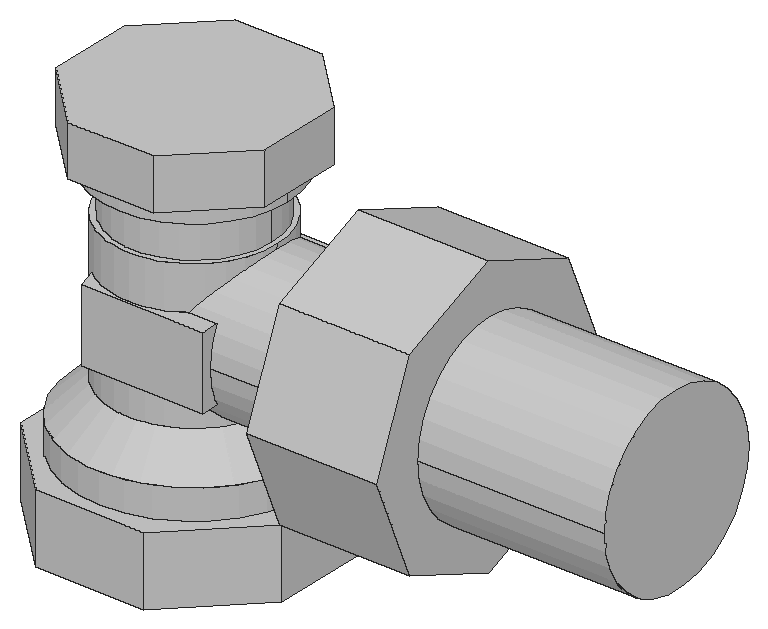
Revit family "PA_Арматура трубопроводов [клапан настроечный угловой , VT.019.N] - VALTEC", category Арматура трубопроводов, Revit 2018
Family settings
  Размер круглого соединителя = Использовать диаметр
  Тип детали = Вставляется
  На основе рабочей плоскости = Нет
  Всегда вертикально = Да
  При загрузке вырезать с полостями = Нет
  Общий = Нет
Parameters (values of type "VT.019.N")
  Таблица 2 = "PA_Арматура трубопроводов [клапан настроечный угловой , VT.019.N] - VALTEC - Таблица 2"  # constant formula
  Таблица 1 = "PA_Арматура трубопроводов [клапан настроечный угловой , VT.019.N] - VALTEC - Таблица 1"  # constant formula
  Изготовитель = "VALTEC"  # constant formula
  d9 [instance] = size_lookup(Таблица 1, "d9", 0 mm, d)  # 19.8 mm
  d8 [instance] = size_lookup(Таблица 1, "d8", 0 mm, d)  # 30.8 mm
  d7 [instance] = size_lookup(Таблица 1, "d7", 0 mm, d)  # 16.8 mm
  d6 [instance] = size_lookup(Таблица 1, "d6", 0 mm, d)  # 23 mm
  d10 [instance] = size_lookup(Таблица 1, "d10", 0 mm, d)  # 18.8 mm
  c [instance] = size_lookup(Таблица 1, "c", 0 mm, d)  # 22 mm
  b6 [instance] = size_lookup(Таблица 1, "b6", 0 mm, d)  # 8.4 mm
  b5 [instance] = size_lookup(Таблица 1, "b5", 0 mm, d)  # 6.4 mm
  b4 [instance] = size_lookup(Таблица 1, "b4", 0 mm, d)  # 13.4 mm
  b3 [instance] = size_lookup(Таблица 1, "b3", 0 mm, d)  # 6.8 mm
  a8 [instance] = size_lookup(Таблица 1, "a8", 0 mm, d)  # 4 mm
  a7 [instance] = size_lookup(Таблица 1, "a7", 0 mm, d)  # 5.6 mm
  a6 [instance] = size_lookup(Таблица 1, "a6", 0 mm, d)  # 2 mm
  a5 [instance] = size_lookup(Таблица 1, "a5", 0 mm, d)  # 4.6 mm
  a4 [instance] = size_lookup(Таблица 1, "a4", 0 mm, d)  # 16.2 mm
  C [instance] = size_lookup(Таблица 1, "C", 0 mm, d)  # 23 mm
  B [instance] = size_lookup(Таблица 1, "B", 0 mm, d)  # 53 mm
  b2 [instance] = size_lookup(Таблица 1, "b2", 0 mm, d)  # 14.3 mm
  d5 [instance] = size_lookup(Таблица 1, "d5", 0 mm, d)  # 20.6 mm
  d4 [instance] = size_lookup(Таблица 1, "d4", 0 mm, d)  # 17 mm
  d3 [instance] = size_lookup(Таблица 1, "d3", 0 mm, d)  # 18.2 mm
  d2 [instance] = size_lookup(Таблица 1, "d2", 0 mm, d)  # 26 mm
  d1 [instance] = size_lookup(Таблица 1, "d1", 0 mm, d)  # 28.8 mm
  d [instance] = 15 mm
  b1 [instance] = size_lookup(Таблица 1, "b1", 0 mm, d)  # 18.1 mm
  a3 [instance] = size_lookup(Таблица 1, "a3", 0 mm, d)  # 3.7 mm
  a2 [instance] = size_lookup(Таблица 1, "a2", 0 mm, d)  # 3.3 mm
  a1 [instance] = size_lookup(Таблица 1, "a1", 0 mm, d)  # 7.6 mm
  URL = "https://valtec.ru/"
  ADSK_Расход жидкости [instance] = 0.0 L/s
  ADSK_Примечание [instance] = ""
  ADSK_Потеря давления жидкости [instance] = 0.0 Pa
  ADSK_Позиция [instance] = ""
  ADSK_Обозначение [instance] = "VT.019.N"  # constant formula
  ADSK_Наименование [instance] = size_lookup(Таблица 1, "", "Данный типоразмер отсутствует", d)  # "Клапан настроечный угловой, 1/2\""
  ADSK_Материал = Сталь, нержавеющая - VALTEC
  ADSK_Масса [instance] = if(d = 15 mm, 0.195, if(d = 20 mm, 0.273, 0))  # 0.195
  ADSK_Марка [instance] = size_lookup(Таблица 2, "", "Данный типоразмер отсутствует", d)  # "VT.019.N.04"
  ADSK_Код изделия [instance] = size_lookup(Таблица 2, "", "Данный типоразмер отсутствует", d)  # "VT.019.N.04"
  ADSK_Завод-изготовитель [instance] = Изготовитель  # "VALTEC"
  ADSK_Единица измерения [instance] = "шт."  # constant formula
  ADSK_URL страницы изделия = "https://valtec.ru/catalog/radiatornaya_armatura/ruchnye_klapany_dlya_radiatorov/klapan_nastroechnyj_uglovoj_vt019n.html"
  ADSK_URL документации изделия = "https://valtec.ru/document/technical/VT.019-020-n-nr-ner-0119.pdf"
  A [instance] = size_lookup(Таблица 1, "A", 0 mm, d)  # 43 mm
Reference planes
  plane 1 "По центру (Вперед/Назад)": y = 0
  plane 2: z = 0
  plane 3 "По центру (Влево/Вправо)": x = 0
  plane 4: z = 21
  plane 5: z = -22
  plane 6: z = -14.4
  plane 7: z = -11.1
  plane 8: z = -7.4
  plane 9: z = 8.8
  plane 10: z = 13.4
  plane 11: z = 15.4
  plane 12: x = 53
  plane 13: x = 39.2
  plane 14: x = 32.4
  plane 15: x = 18.1
  plane 16: z = 4
  plane 17: z = -4
  plane 18: x = 8.4
  plane 19: x = -6.4
  plane 20: y = 9.4
  plane 21: y = -9.4
  plane 22: x = -4.9
Forms (mm)
  Extrusion 1, solid, material "Сталь, нержавеющая - VALTEC" <- "ADSK_Материал", detail levels medium+fine
    sketch origin (0, 0, 0) x (1, 0, 0) y (0, 1, 0)
      loop
        circle (0, 0) r 13
    from -14.4 to -11.1
  Blend 2, solid, material "Сталь, нержавеющая - VALTEC" <- "ADSK_Материал", detail levels medium+fine
    base sketch origin (0, 0, 0) x (1, 0, 0) y (0, 1, 0)
      loop
        circle (0, 0) r 13
    top sketch origin (0, 0, 0) x (1, 0, 0) y (0, 1, 0)
      loop
        circle (0, 0) r 9.1
    from -11.1 to -7.4
  Extrusion 3, solid, material "Сталь, нержавеющая - VALTEC" <- "ADSK_Материал", detail levels medium+fine
    sketch origin (0, 0, 0) x (1, 0, 0) y (0, 1, 0)
      loop
        circle (0, 0) r 9.1
    from -7.4 to 8.8
  Extrusion 4, solid, material "Сталь, нержавеющая - VALTEC" <- "ADSK_Материал", detail levels medium+fine
    sketch origin (0, 0, 0) x (1, 0, 0) y (0, 1, 0)
      loop
        circle (0, 0) r 8.5
    from 8.8 to 13.4
  Extrusion 5, solid, material "Сталь, нержавеющая - VALTEC" <- "ADSK_Материал", detail levels medium+fine
    sketch origin (0, 0, 0) x (1, 0, 0) y (0, 1, 0)
      loop
        circle (0, 0) r 10.3
    from 13.4 to 15.4
  Extrusion 6, solid, material "Сталь, нержавеющая - VALTEC" <- "ADSK_Материал", detail levels medium+fine
    sketch origin (0, 0, 0) x (0, 1, 0) y (0, 0, 1)
      loop
        circle (0, 0) r 8.4
    from 0 to 18.1
  Extrusion 7, solid, material "Сталь, нержавеющая - VALTEC" <- "ADSK_Материал", detail levels medium+fine
    sketch origin (0, 0, 0) x (0, 1, 0) y (0, 0, 1)
      loop
        circle (0, 0) r 9.9
    from 32.4 to 53
  Extrusion 8, solid, material "Сталь, нержавеющая - VALTEC" <- "ADSK_Материал", detail levels medium+fine
    sketch origin (0, 0, 0) x (1, 0, 0) y (0, 1, 0)
      loop
        arc (-4.9, 9.4) -> (-6.4, 0) -> (-4.9, -9.4) r 30.203
        line (-4.9, -9.4) -> (8.4, -9.4) -> (8.4, 9.4) -> (-4.9, 9.4)
    from -4 to 4
Cuts and joins
  joined: Extrusion 1, Blend 2, Extrusion 3, Extrusion 4, Extrusion 5, Extrusion 6, Extrusion 7, Extrusion 8
Lines and regions (mm)
  model lines, detail levels coarse
    curve 1: line (-15, 0, -22) -> (15, 0, -22)
    curve 2: line (22, 0, 15) -> (22, 0, -15)
    curve 3: line (-15, 0, -22) -> (0, 0, 0)
    curve 4: line (0, 0, 0) -> (15, 0, -22)
    curve 5: line (22, 0, -15) -> (0, 0, 0)
    curve 6: line (22, 0, 15) -> (0, 0, 0)
    curve 7: line (22, 0, 0) -> (53, 0, 0)
  symbolic lines, detail levels coarse
    curve 8: line (15, -22, 0) -> (-15, -22, 0)
    curve 9: line (22, 15, 0) -> (22, -15, 0)
    curve 10: line (15, -22, 0) -> (0, 0, 0)
    curve 11: line (0, 0, 0) -> (-15, -22, 0)
    curve 12: line (22, -15, 0) -> (0, 0, 0)
    curve 13: line (0, 0, 0) -> (22, 15, 0)
  reference lines
    curve 14: line (0, 0, -22) -> (0, 0, 0)
    curve 15: line (0, 0, 0) -> (39.2, 0, 0)
Dimensions and locks
  "c": plane 2 to plane 5
  "A": plane 4 to plane 5
  "a1": plane 6 to plane 5
  "a2": plane 7 to plane 6
  "a3": plane 8 to plane 7
  "a4": plane 9 to plane 8
  "a5": plane 10 to plane 9
  "a6": plane 11 to plane 10
  "B": plane 12 to plane 3 "По центру (Влево/Вправо)"
  "b1": plane 15 to plane 3 "По центру (Влево/Вправо)"
  "b2": plane 15 to plane 14
  "b3": plane 14 to plane 13
  "a8": plane 2 to plane 17
  "a8": plane 16 to plane 2
  "b5": plane 3 "По центру (Влево/Вправо)" to plane 19
  "b6": plane 18 to plane 3 "По центру (Влево/Вправо)"
  equal spacing: plane 21, plane 1 "По центру (Вперед/Назад)", plane 20
  "d10": plane 21 to plane 20
  locked: plane 19 to plane 22 at 1.5
  curve 1 to plane 3 "По центру (Влево/Вправо)" to curve 1 = 15 mm locked, 15 mm locked
  curve 2 to level to curve 2 = 15 mm locked, 15 mm locked
  "c": curve 2 to plane 3 "По центру (Влево/Вправо)"
  curve 8 to plane 3 "По центру (Влево/Вправо)" to curve 8 = 15 mm locked, 15 mm locked
  curve 9 to plane 1 "По центру (Вперед/Назад)" to curve 9 = 15 mm locked, 15 mm locked
  "c": plane 3 "По центру (Влево/Вправо)" to curve 9
  "c": plane 1 "По центру (Вперед/Назад)" to curve 8
  "d2": diameter of Extrusion 1 sketch curve
  "d2": diameter of Blend 2 sketch curve
  "d3": diameter of Blend 2 sketch curve
  "d3": diameter of Extrusion 3 sketch curve
  "d4": diameter of Extrusion 4 sketch curve
  "d5": diameter of Extrusion 5 sketch curve
  "d7": diameter of Extrusion 6 sketch curve
  "d9": diameter of Extrusion 7 sketch curve
  aligned and locked: level to plane 2
  aligned and locked: nested 1 to plane 3 "По центру (Влево/Вправо)"
  aligned and locked: plane 1 "По центру (Вперед/Назад)" to nested 1
  aligned and locked: plane 1 "По центру (Вперед/Назад)" to Extrusion 1 sketch curve
  aligned and locked: plane 3 "По центру (Влево/Вправо)" to Extrusion 1 sketch curve
  aligned and locked: plane 1 "По центру (Вперед/Назад)" to Blend 2 sketch curve  (x2)
  aligned and locked: plane 3 "По центру (Влево/Вправо)" to Blend 2 sketch curve  (x2)
  aligned and locked: plane 1 "По центру (Вперед/Назад)" to Extrusion 3 sketch curve
  aligned and locked: plane 3 "По центру (Влево/Вправо)" to Extrusion 3 sketch curve
  aligned and locked: plane 1 "По центру (Вперед/Назад)" to Extrusion 4 sketch curve
  aligned and locked: plane 3 "По центру (Влево/Вправо)" to Extrusion 4 sketch curve
  aligned and locked: plane 5 to nested 1
  aligned and locked: plane 7 to Blend 2
  aligned and locked: Blend 2 to plane 8
  aligned and locked: plane 6 to Extrusion 1
  aligned and locked: Extrusion 1 to plane 7
  aligned and locked: plane 8 to Extrusion 3
  aligned and locked: Extrusion 3 to plane 9
  aligned and locked: plane 9 to Extrusion 4
  aligned and locked: Extrusion 4 to plane 10
  aligned and locked: plane 1 "По центру (Вперед/Назад)" to Extrusion 5 sketch curve
  aligned and locked: plane 3 "По центру (Влево/Вправо)" to Extrusion 5 sketch curve
  aligned and locked: nested 2 to plane 3 "По центру (Влево/Вправо)"
  aligned and locked: plane 1 "По центру (Вперед/Назад)" to nested 2
  aligned and locked: plane 4 to nested 2
  aligned and locked: plane 10 to Extrusion 5
  aligned and locked: Extrusion 5 to plane 11
  aligned and locked: level to Extrusion 6 sketch curve
  aligned and locked: plane 1 "По центру (Вперед/Назад)" to Extrusion 6 sketch curve
  aligned and locked: level to Extrusion 7 sketch curve
  aligned and locked: plane 1 "По центру (Вперед/Назад)" to Extrusion 7 sketch curve
  aligned and locked: Extrusion 6 to plane 3 "По центру (Влево/Вправо)"
  aligned and locked: Extrusion 6 to plane 15
  aligned and locked: plane 14 to Extrusion 7
  aligned and locked: Extrusion 7 to plane 12
  aligned and locked: plane 1 "По центру (Вперед/Назад)" to nested 3
  aligned and locked: plane 15 to nested 3
  aligned and locked: Extrusion 8 sketch curve to plane 20
  aligned and locked: Extrusion 8 sketch curve to plane 21
  aligned and locked: plane 18 to Extrusion 8 sketch curve
  aligned and locked: Extrusion 8 to plane 17
  aligned and locked: Extrusion 8 to plane 16
  aligned and locked: plane 22 to Extrusion 8 sketch curve  (x2)
  aligned and locked: plane 5 to curve 1
  aligned and locked: curve 2 to curve 7
  aligned and locked: curve 7 to level
  aligned and locked: plane 3 "По центру (Влево/Вправо)" to curve 15
  aligned and locked: plane 13 to curve 15
  aligned and locked: plane 12 to curve 7
  aligned and locked: level to curve 14
  aligned and locked: plane 5 to curve 14
  aligned and locked: plane 3 "По центру (Влево/Вправо)" to curve 14
Automatic sketch dimensions
  Extrusion 8 sketch curve to plane 15 = 5.703 mm
  curve 5 to level = 0 mm
  curve 5 to plane 3 "По центру (Влево/Вправо)" = 0 mm
Nested families
  nested 1: "Гайка - вертикаль" at (0, 0, -22) x (0.9239, -0.3827, 0) z (0, 0, 1), d <- "d1", h <- "a1", ADSK_Материал <- "ADSK_Материал", type "Гайка - вертикаль", detail levels medium+fine
    with h 7.6 mm, d 28.8 mm, ADSK_Материал Сталь, нержавеющая - VALTEC
  nested 2: "Гайка - вертикаль" at (0, 0, 15.4) x (0.9239, -0.3827, 0) z (0, 0, 1), d <- "d6", h <- "a7", ADSK_Материал <- "ADSK_Материал", type "Гайка - вертикаль", detail levels medium+fine
    with h 5.6 mm, d 23 mm, ADSK_Материал Сталь, нержавеющая - VALTEC
  nested 3: "Гайка - горизонталь" at (25.25, 0, 0), B <- "b2", d3 <- "d8", ADSK_Материал <- "ADSK_Материал", type "Гайка - горизонталь", detail levels medium+fine
    with hr 28.455 mm, d3 30.8 mm, B 14.3 mm, ADSK_Материал Сталь, нержавеющая - VALTEC
Connectors
  piping at (39.2, 0, 0), diameter 15, driven by "d", driven by "ADSK_Расход жидкости", driven by "ADSK_Потеря давления жидкости"
    settings: on curve 15, index 1, connector inside diameter 609.6 mm, connector length 0 mm, flow factor 0, pipe flow 0.0 L/s, pressure drop 0.0 Pa, fitting loss kfactor 0, connector angle 0.00°, fixture units 0, engagement length 0 mm, angle of deflection 0.00°, flow configuration 0, flow direction 0, fitting loss method 4, system type 29, joint type 0, gender type 0, connector reference index 2, connector utility 0, adjustable connector no, is connector primary yes, connector description ""
  piping at (0, 0, -22), diameter 15, driven by "d", driven by "ADSK_Расход жидкости"
    settings: on curve 14, index 2, connector inside diameter 609.6 mm, connector length 0 mm, flow factor 0, pipe flow 0.0 L/s, pressure drop 0.0 Pa, fitting loss kfactor 0, connector angle 0.00°, fixture units 0, engagement length 0 mm, angle of deflection 0.00°, flow configuration 0, flow direction 0, fitting loss method 0, system type 29, joint type 0, gender type 0, connector reference index 1, connector utility 0, adjustable connector no, is connector primary no, connector description ""
Definition of nested family "Гайка - вертикаль"
  Parameters (values of type "Гайка - вертикаль")
    h [instance] = 7.5 mm
    d [instance] = 11.918 mm
    ADSK_Материал [instance] = none
  Reference planes
    plane 1 "По центру (Вперед/Назад)": y = 0
    plane 2: z = 0
    plane 3 "По центру (Влево/Вправо)": x = 0
    plane 4: x = -6.45
    plane 5: x = 6.45
    plane 6: through (737.894, 1797.006, 1200) normal (0.9239, -0.3827, 0)
    plane 7: through (765.367, 1847.759, 1200) normal (0.9239, -0.3827, 0)
    plane 8: through (792.839, 1898.512, 1200) normal (0.9239, -0.3827, 0)
    plane 9: through (-737.894, 1797.006, 1200) normal (0.9239, 0.3827, 0)
    plane 10: through (-765.367, 1847.759, 1200) normal (0.9239, 0.3827, 0)
    plane 11: through (-792.839, 1898.512, 1200) normal (0.9239, 0.3827, 0)
    plane 12: through (1845.479, 770.872, 1200) normal (0.3827, -0.9239, 0)
    plane 13: through (1847.759, 765.367, 1200) normal (0.3827, -0.9239, 0)
    plane 14: through (1850.039, 759.861, 1200) normal (0.3827, -0.9239, 0)
    plane 15: through (-1845.479, 770.872, 1200) normal (0.3827, 0.9239, 0)
    plane 16: through (-1847.759, 765.367, 1200) normal (0.3827, 0.9239, 0)
    plane 17: through (-1850.039, 759.861, 1200) normal (0.3827, 0.9239, 0)
    plane 18: z = 7.5
  Forms (mm)
    Extrusion 1, solid, material <- "ADSK_Материал"
      sketch origin (0, 0, 0) x (1, 0, 0) y (0, 1, 0)
        loop
          line (0, 6.45) -> (-4.561, 4.561) -> (-6.45, 0) -> (-4.561, -4.561) -> (0, -6.45) -> (4.561, -4.561) -> (6.45, 0) -> (4.561, 4.561) -> (0, 6.45)
      from 0 to 7.5
  Lines and regions (mm)
    reference lines
      curve 1: line (-5.505, -2.28, 0) -> (5.505, 2.28, 0)
      curve 2: line (-2.28, 5.505, 0) -> (2.28, -5.505, 0)
  Dimensions and locks
    equal spacing: plane 4, plane 3 "По центру (Влево/Вправо)", plane 5
    locked: plane 4 to plane 5 at 12.9
    equal spacing: plane 6, plane 7, plane 8
    "d": plane 6 to plane 8
    equal spacing: plane 9, plane 10, plane 11
    "d": plane 9 to plane 11
    equal spacing: plane 12, plane 13, plane 14
    "d": plane 12 to plane 14
    equal spacing: plane 15, plane 16, plane 17
    "d": plane 15 to plane 17
    "h": plane 18 to plane 2
    aligned and locked: level to plane 2
    aligned and locked: plane 12 to Extrusion 1 sketch curve
    aligned and locked: plane 15 to Extrusion 1 sketch curve
    aligned and locked: plane 9 to Extrusion 1 sketch curve
    aligned and locked: Extrusion 1 sketch curve to plane 8
    aligned and locked: Extrusion 1 sketch curve to plane 14
    aligned and locked: Extrusion 1 sketch curve to plane 17
    aligned and locked: Extrusion 1 sketch curve to plane 11
    aligned and locked: plane 6 to Extrusion 1 sketch curve
    aligned and locked: plane 18 to Extrusion 1
    aligned and locked: plane 12 to curve 2
    aligned and locked: plane 14 to curve 2
    aligned and locked: plane 9 to curve 1
    aligned and locked: plane 11 to curve 1
    aligned and locked: curve 1 to plane 13
    aligned and locked: curve 2 to plane 10
Definition of nested family "Гайка - горизонталь"
  Parameters (values of type "Гайка - горизонталь")
    hr [instance] = d3 / 2 * cos(180.00° / 8) * 2  # 588.881 mm
    d3 [instance] = 637.4 mm
    B [instance] = 637.4 mm
    ADSK_Материал [instance] = none
  Reference planes
    plane 1 "По центру (Вперед/Назад)": y = 0
    plane 2: z = 0
    plane 3 "По центру (Влево/Вправо)": x = 0
    plane 4: y = 318.7
    plane 5: y = -318.7
    plane 6: through (0, -912.519, 2972.425) normal (0, -0.9239, -0.3827)
    plane 7: through (0, -1234.338, 2979.956) normal (0, -0.9239, -0.3827)
    plane 8: through (0, -1556.157, 2987.486) normal (0, -0.9239, -0.3827)
    plane 9: through (0, 1234.338, 2979.956) normal (0, -0.9239, 0.3827)
    plane 10: through (0, -2420.114, 1321.144) normal (0, -0.3827, -0.9239)
    plane 11: through (0, -2532.792, 1049.117) normal (0, -0.3827, -0.9239)
    plane 12: through (0, -2645.469, 777.089) normal (0, -0.3827, -0.9239)
    plane 13: through (0, 2420.114, 1321.144) normal (0, -0.3827, 0.9239)
    plane 14: through (0, 2532.792, 1049.117) normal (0, -0.3827, 0.9239)
    plane 15: through (0, 2645.469, 777.089) normal (0, -0.3827, 0.9239)
    plane 16: through (0, 912.519, 2972.425) normal (0, -0.9239, 0.3827)
    plane 17: through (0, 1234.338, 2979.956) normal (0, -0.9239, 0.3827)
    plane 18: through (0, 1556.157, 2987.486) normal (0, -0.9239, 0.3827)
    plane 19: x = 318.7
    plane 20: x = -318.7
  Forms (mm)
    Extrusion 1, solid, material <- "ADSK_Материал"
      sketch origin (0, 0, 0) x (0, 1, 0) y (0, 0, 1)
        loop
          line (0, 318.7) -> (-225.355, 225.355) -> (-318.7, 0) -> (-225.355, -225.355) -> (0, -318.7) -> (225.355, -225.355) -> (318.7, 0) -> (225.355, 225.355) -> (0, 318.7)
      from -318.7 to 318.7
  Dimensions and locks
    equal spacing: plane 4, plane 1 "По центру (Вперед/Назад)", plane 5
    "d3": plane 4 to plane 5
    equal spacing: plane 8, plane 7, plane 6
    "hr": plane 8 to plane 6
    equal spacing: plane 12, plane 11, plane 10
    "hr": plane 12 to plane 10
    equal spacing: plane 15, plane 14, plane 13
    "hr": plane 15 to plane 13
    equal spacing: plane 18, plane 17, plane 16
    "hr": plane 18 to plane 16
    equal spacing: plane 20, plane 3 "По центру (Влево/Вправо)", plane 19
    "B": plane 20 to plane 19
    aligned and locked: level to plane 2
    aligned and locked: plane 10 to Extrusion 1 sketch curve
    aligned and locked: plane 13 to Extrusion 1 sketch curve
    aligned and locked: plane 16 to Extrusion 1 sketch curve
    aligned and locked: Extrusion 1 sketch curve to plane 8
    aligned and locked: Extrusion 1 sketch curve to plane 12
    aligned and locked: Extrusion 1 sketch curve to plane 15
    aligned and locked: Extrusion 1 sketch curve to plane 18
    aligned and locked: plane 6 to Extrusion 1 sketch curve
    aligned and locked: plane 19 to Extrusion 1
    aligned and locked: plane 20 to Extrusion 1
    aligned and locked: Extrusion 1 to plane 19
